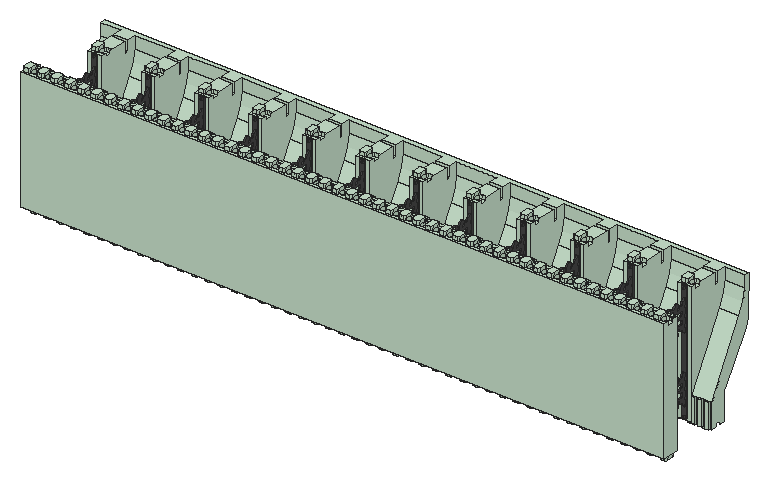
Revit family (continued)
Forms (in)
  Extrusion 106, void
    sketch origin (90, 0, 0) x (-1, 0, 0) y (0, -1, 0)
      loop
        arc (1.91675, 3.76455) -> (1.92106, 3.78736) -> (1.9334, 3.80702) r 0.0625
        arc (1.9334, 3.80702) -> (1.98276, 3.88568) -> (2, 3.97692) r 0.25
        line (2, 3.97692) -> (2, 4.89808)
        arc (2, 4.89808) -> (1.95215, 5.04517) -> (1.82692, 5.13595) r 0.25
        arc (1.82692, 5.13595) -> (1.5, 5.1875) -> (1.17308, 5.13595) r 1.0625
        arc (1.17308, 5.13595) -> (1.04785, 5.04517) -> (1, 4.89808) r 0.25
    from 0 to 0.5
  Extrusion 107, void
    sketch origin (92, 0, 0) x (-1, 0, 0) y (0, -1, 0)
      loop
        line (1, 4.89808) -> (1, 3.97692)
        arc (1, 3.97692) -> (1.04785, 3.82983) -> (1.17308, 3.73905) r 0.25
        arc (1.17308, 3.73905) -> (1.42092, 3.69045) -> (1.67323, 3.70172) r 1.0625
        arc (1.67323, 3.70172) -> (1.72385, 3.68771) -> (1.74592, 3.64005) r 0.0625
        line (1.74592, 3.64005) -> (1.74592, 3.41845) -> (1.91675, 3.41845) -> (1.91675, 3.76455)
        arc (1.91675, 3.76455) -> (1.92106, 3.78736) -> (1.9334, 3.80702) r 0.0625
        arc (1.9334, 3.80702) -> (1.98276, 3.88568) -> (2, 3.97692) r 0.25
        line (2, 3.97692) -> (2, 4.89808)
        arc (2, 4.89808) -> (1.95215, 5.04517) -> (1.82692, 5.13595) r 0.25
        arc (1.82692, 5.13595) -> (1.5, 5.1875) -> (1.17308, 5.13595) r 1.0625
        arc (1.17308, 5.13595) -> (1.04785, 5.04517) -> (1, 4.89808) r 0.25
    from 0 to 0.5
  Extrusion 108, void
    sketch origin (94, 0, 0) x (-1, 0, 0) y (0, -1, 0)
      loop
        line (1, 4.89808) -> (1, 3.97692)
        arc (1, 3.97692) -> (1.04785, 3.82983) -> (1.17308, 3.73905) r 0.25
        arc (1.17308, 3.73905) -> (1.42092, 3.69045) -> (1.67323, 3.70172) r 1.0625
        arc (1.67323, 3.70172) -> (1.72385, 3.68771) -> (1.74592, 3.64005) r 0.0625
        line (1.74592, 3.64005) -> (1.74592, 3.41845) -> (1.91675, 3.41845) -> (1.91675, 3.76455)
        arc (1.91675, 3.76455) -> (1.92106, 3.78736) -> (1.9334, 3.80702) r 0.0625
        arc (1.9334, 3.80702) -> (1.98276, 3.88568) -> (2, 3.97692) r 0.25
        line (2, 3.97692) -> (2, 4.89808)
        arc (2, 4.89808) -> (1.95215, 5.04517) -> (1.82692, 5.13595) r 0.25
        arc (1.82692, 5.13595) -> (1.5, 5.1875) -> (1.17308, 5.13595) r 1.0625
        arc (1.17308, 5.13595) -> (1.04785, 5.04517) -> (1, 4.89808) r 0.25
    from 0 to 0.5
  Extrusion 109, void
    sketch origin (96, 0, 0) x (-1, 0, 0) y (0, -1, 0)
      loop
        line (1, 4.89808) -> (1, 3.97692)
        arc (1, 3.97692) -> (1.04785, 3.82983) -> (1.17308, 3.73905) r 0.25
        arc (1.17308, 3.73905) -> (1.42092, 3.69045) -> (1.67323, 3.70172) r 1.0625
        arc (1.67323, 3.70172) -> (1.72385, 3.68771) -> (1.74592, 3.64005) r 0.0625
        line (1.74592, 3.64005) -> (1.74592, 3.41845) -> (1.91675, 3.41845) -> (1.91675, 3.76455)
        arc (1.91675, 3.76455) -> (1.92106, 3.78736) -> (1.9334, 3.80702) r 0.0625
        arc (1.9334, 3.80702) -> (1.98276, 3.88568) -> (2, 3.97692) r 0.25
        line (2, 3.97692) -> (2, 4.89808)
        arc (2, 4.89808) -> (1.95215, 5.04517) -> (1.82692, 5.13595) r 0.25
        arc (1.82692, 5.13595) -> (1.5, 5.1875) -> (1.17308, 5.13595) r 1.0625
        arc (1.17308, 5.13595) -> (1.04785, 5.04517) -> (1, 4.89808) r 0.25
    from 0 to 0.5
  Extrusion 110, void
    sketch origin (94, 0, 0) x (1, 0, 0) y (0, 1, 0)
      loop
        line (1, 4.89808) -> (1, 3.97692)
        arc (1, 3.97692) -> (1.04785, 3.82983) -> (1.17308, 3.73905) r 0.25
        arc (1.17308, 3.73905) -> (1.42092, 3.69045) -> (1.67323, 3.70172) r 1.0625
        arc (1.67323, 3.70172) -> (1.72385, 3.68771) -> (1.74592, 3.64005) r 0.0625
        line (1.74592, 3.64005) -> (1.74592, 3.41845) -> (1.91675, 3.41845) -> (1.91675, 3.76455)
        arc (1.91675, 3.76455) -> (1.92106, 3.78736) -> (1.9334, 3.80702) r 0.0625
        arc (1.9334, 3.80702) -> (1.98276, 3.88568) -> (2, 3.97692) r 0.25
        line (2, 3.97692) -> (2, 4.89808)
        arc (2, 4.89808) -> (1.95215, 5.04517) -> (1.82692, 5.13595) r 0.25
        arc (1.82692, 5.13595) -> (1.5, 5.1875) -> (1.17308, 5.13595) r 1.0625
        arc (1.17308, 5.13595) -> (1.04785, 5.04517) -> (1, 4.89808) r 0.25
    from 0 to 0.5
  Extrusion 111, void
    sketch origin (92, 0, 0) x (1, 0, 0) y (0, 1, 0)
      loop
        line (1, 4.89808) -> (1, 3.97692)
        arc (1, 3.97692) -> (1.04785, 3.82983) -> (1.17308, 3.73905) r 0.25
        arc (1.17308, 3.73905) -> (1.42092, 3.69045) -> (1.67323, 3.70172) r 1.0625
        arc (1.67323, 3.70172) -> (1.72385, 3.68771) -> (1.74592, 3.64005) r 0.0625
        line (1.74592, 3.64005) -> (1.74592, 3.41845) -> (1.91675, 3.41845) -> (1.91675, 3.76455)
        arc (1.91675, 3.76455) -> (1.92106, 3.78736) -> (1.9334, 3.80702) r 0.0625
        arc (1.9334, 3.80702) -> (1.98276, 3.88568) -> (2, 3.97692) r 0.25
        line (2, 3.97692) -> (2, 4.89808)
        arc (2, 4.89808) -> (1.95215, 5.04517) -> (1.82692, 5.13595) r 0.25
        arc (1.82692, 5.13595) -> (1.5, 5.1875) -> (1.17308, 5.13595) r 1.0625
        arc (1.17308, 5.13595) -> (1.04785, 5.04517) -> (1, 4.89808) r 0.25
    from 0 to 0.5
  Extrusion 112, void
    sketch origin (90, 0, 0) x (1, 0, 0) y (0, 1, 0)
      loop
        line (1, 4.89808) -> (1, 3.97692)
        arc (1, 3.97692) -> (1.04785, 3.82983) -> (1.17308, 3.73905) r 0.25
        arc (1.17308, 3.73905) -> (1.42092, 3.69045) -> (1.67323, 3.70172) r 1.0625
        arc (1.67323, 3.70172) -> (1.72385, 3.68771) -> (1.74592, 3.64005) r 0.0625
        line (1.74592, 3.64005) -> (1.74592, 3.41845) -> (1.91675, 3.41845) -> (1.91675, 3.76455)
        arc (1.91675, 3.76455) -> (1.92106, 3.78736) -> (1.9334, 3.80702) r 0.0625
        arc (1.9334, 3.80702) -> (1.98276, 3.88568) -> (2, 3.97692) r 0.25
        line (2, 3.97692) -> (2, 4.89808)
        arc (2, 4.89808) -> (1.95215, 5.04517) -> (1.82692, 5.13595) r 0.25
        arc (1.82692, 5.13595) -> (1.5, 5.1875) -> (1.17308, 5.13595) r 1.0625
        arc (1.17308, 5.13595) -> (1.04785, 5.04517) -> (1, 4.89808) r 0.25
    from 0 to 0.5
  Extrusion 113, void
    sketch origin (88, 0, 0) x (1, 0, 0) y (0, 1, 0)
      loop
        line (1, 4.89808) -> (1, 3.97692)
        arc (1, 3.97692) -> (1.04785, 3.82983) -> (1.17308, 3.73905) r 0.25
        arc (1.17308, 3.73905) -> (1.42092, 3.69045) -> (1.67323, 3.70172) r 1.0625
        arc (1.67323, 3.70172) -> (1.72385, 3.68771) -> (1.74592, 3.64005) r 0.0625
        line (1.74592, 3.64005) -> (1.74592, 3.41845) -> (1.91675, 3.41845) -> (1.91675, 3.76455)
        arc (1.91675, 3.76455) -> (1.92106, 3.78736) -> (1.9334, 3.80702) r 0.0625
        arc (1.9334, 3.80702) -> (1.98276, 3.88568) -> (2, 3.97692) r 0.25
        line (2, 3.97692) -> (2, 4.89808)
        arc (2, 4.89808) -> (1.95215, 5.04517) -> (1.82692, 5.13595) r 0.25
        arc (1.82692, 5.13595) -> (1.5, 5.1875) -> (1.17308, 5.13595) r 1.0625
        arc (1.17308, 5.13595) -> (1.04785, 5.04517) -> (1, 4.89808) r 0.25
    from 0 to 0.5
  Extrusion 114, void
    sketch origin (86, 0, 0) x (1, 0, 0) y (0, 1, 0)
      loop
        line (1, 4.89808) -> (1, 3.97692)
        arc (1, 3.97692) -> (1.04785, 3.82983) -> (1.17308, 3.73905) r 0.25
        arc (1.17308, 3.73905) -> (1.42092, 3.69045) -> (1.67323, 3.70172) r 1.0625
        arc (1.67323, 3.70172) -> (1.72385, 3.68771) -> (1.74592, 3.64005) r 0.0625
        line (1.74592, 3.64005) -> (1.74592, 3.41845) -> (1.91675, 3.41845) -> (1.91675, 3.76455)
        arc (1.91675, 3.76455) -> (1.92106, 3.78736) -> (1.9334, 3.80702) r 0.0625
        arc (1.9334, 3.80702) -> (1.98276, 3.88568) -> (2, 3.97692) r 0.25
        line (2, 3.97692) -> (2, 4.89808)
        arc (2, 4.89808) -> (1.95215, 5.04517) -> (1.82692, 5.13595) r 0.25
        arc (1.82692, 5.13595) -> (1.5, 5.1875) -> (1.17308, 5.13595) r 1.0625
        arc (1.17308, 5.13595) -> (1.04785, 5.04517) -> (1, 4.89808) r 0.25
    from 0 to 0.5
  Extrusion 115, void
    sketch origin (84, 0, 0) x (1, 0, 0) y (0, 1, 0)
      loop
        line (1, 4.89808) -> (1, 3.97692)
        arc (1, 3.97692) -> (1.04785, 3.82983) -> (1.17308, 3.73905) r 0.25
        arc (1.17308, 3.73905) -> (1.42092, 3.69045) -> (1.67323, 3.70172) r 1.0625
        arc (1.67323, 3.70172) -> (1.72385, 3.68771) -> (1.74592, 3.64005) r 0.0625
        line (1.74592, 3.64005) -> (1.74592, 3.41845) -> (1.91675, 3.41845) -> (1.91675, 3.76455)
        arc (1.91675, 3.76455) -> (1.92106, 3.78736) -> (1.9334, 3.80702) r 0.0625
        arc (1.9334, 3.80702) -> (1.98276, 3.88568) -> (2, 3.97692) r 0.25
        line (2, 3.97692) -> (2, 4.89808)
        arc (2, 4.89808) -> (1.95215, 5.04517) -> (1.82692, 5.13595) r 0.25
        arc (1.82692, 5.13595) -> (1.5, 5.1875) -> (1.17308, 5.13595) r 1.0625
        arc (1.17308, 5.13595) -> (1.04785, 5.04517) -> (1, 4.89808) r 0.25
    from 0 to 0.5
  Extrusion 116, void
    sketch origin (82, 0, 0) x (1, 0, 0) y (0, 1, 0)
      loop
        line (1, 4.89808) -> (1, 3.97692)
        arc (1, 3.97692) -> (1.04785, 3.82983) -> (1.17308, 3.73905) r 0.25
        arc (1.17308, 3.73905) -> (1.42092, 3.69045) -> (1.67323, 3.70172) r 1.0625
        arc (1.67323, 3.70172) -> (1.72385, 3.68771) -> (1.74592, 3.64005) r 0.0625
        line (1.74592, 3.64005) -> (1.74592, 3.41845) -> (1.91675, 3.41845) -> (1.91675, 3.76455)
        arc (1.91675, 3.76455) -> (1.92106, 3.78736) -> (1.9334, 3.80702) r 0.0625
        arc (1.9334, 3.80702) -> (1.98276, 3.88568) -> (2, 3.97692) r 0.25
        line (2, 3.97692) -> (2, 4.89808)
        arc (2, 4.89808) -> (1.95215, 5.04517) -> (1.82692, 5.13595) r 0.25
        arc (1.82692, 5.13595) -> (1.5, 5.1875) -> (1.17308, 5.13595) r 1.0625
        arc (1.17308, 5.13595) -> (1.04785, 5.04517) -> (1, 4.89808) r 0.25
    from 0 to 0.5
  Extrusion 117, void
    sketch origin (80, 0, 0) x (1, 0, 0) y (0, 1, 0)
      loop
        line (1, 4.89808) -> (1, 3.97692)
        arc (1, 3.97692) -> (1.04785, 3.82983) -> (1.17308, 3.73905) r 0.25
        arc (1.17308, 3.73905) -> (1.42092, 3.69045) -> (1.67323, 3.70172) r 1.0625
        arc (1.67323, 3.70172) -> (1.72385, 3.68771) -> (1.74592, 3.64005) r 0.0625
        line (1.74592, 3.64005) -> (1.74592, 3.41845) -> (1.91675, 3.41845) -> (1.91675, 3.76455)
        arc (1.91675, 3.76455) -> (1.92106, 3.78736) -> (1.9334, 3.80702) r 0.0625
        arc (1.9334, 3.80702) -> (1.98276, 3.88568) -> (2, 3.97692) r 0.25
        line (2, 3.97692) -> (2, 4.89808)
        arc (2, 4.89808) -> (1.95215, 5.04517) -> (1.82692, 5.13595) r 0.25
        arc (1.82692, 5.13595) -> (1.5, 5.1875) -> (1.17308, 5.13595) r 1.0625
        arc (1.17308, 5.13595) -> (1.04785, 5.04517) -> (1, 4.89808) r 0.25
    from 0 to 0.5
  Extrusion 118, void
    sketch origin (78, 0, 0) x (1, 0, 0) y (0, 1, 0)
      loop
        line (1, 4.89808) -> (1, 3.97692)
        arc (1, 3.97692) -> (1.04785, 3.82983) -> (1.17308, 3.73905) r 0.25
        arc (1.17308, 3.73905) -> (1.42092, 3.69045) -> (1.67323, 3.70172) r 1.0625
        arc (1.67323, 3.70172) -> (1.72385, 3.68771) -> (1.74592, 3.64005) r 0.0625
        line (1.74592, 3.64005) -> (1.74592, 3.41845) -> (1.91675, 3.41845) -> (1.91675, 3.76455)
        arc (1.91675, 3.76455) -> (1.92106, 3.78736) -> (1.9334, 3.80702) r 0.0625
        arc (1.9334, 3.80702) -> (1.98276, 3.88568) -> (2, 3.97692) r 0.25
        line (2, 3.97692) -> (2, 4.89808)
        arc (2, 4.89808) -> (1.95215, 5.04517) -> (1.82692, 5.13595) r 0.25
        arc (1.82692, 5.13595) -> (1.5, 5.1875) -> (1.17308, 5.13595) r 1.0625
        arc (1.17308, 5.13595) -> (1.04785, 5.04517) -> (1, 4.89808) r 0.25
    from 0 to 0.5
  Extrusion 119, void
    sketch origin (76, 0, 0) x (1, 0, 0) y (0, 1, 0)
      loop
        line (1, 4.89808) -> (1, 3.97692)
        arc (1, 3.97692) -> (1.04785, 3.82983) -> (1.17308, 3.73905) r 0.25
        arc (1.17308, 3.73905) -> (1.42092, 3.69045) -> (1.67323, 3.70172) r 1.0625
        arc (1.67323, 3.70172) -> (1.72385, 3.68771) -> (1.74592, 3.64005) r 0.0625
        line (1.74592, 3.64005) -> (1.74592, 3.41845) -> (1.91675, 3.41845) -> (1.91675, 3.76455)
        arc (1.91675, 3.76455) -> (1.92106, 3.78736) -> (1.9334, 3.80702) r 0.0625
        arc (1.9334, 3.80702) -> (1.98276, 3.88568) -> (2, 3.97692) r 0.25
        line (2, 3.97692) -> (2, 4.89808)
        arc (2, 4.89808) -> (1.95215, 5.04517) -> (1.82692, 5.13595) r 0.25
        arc (1.82692, 5.13595) -> (1.5, 5.1875) -> (1.17308, 5.13595) r 1.0625
        arc (1.17308, 5.13595) -> (1.04785, 5.04517) -> (1, 4.89808) r 0.25
    from 0 to 0.5
  Extrusion 120, void
    sketch origin (74, 0, 0) x (1, 0, 0) y (0, 1, 0)
      loop
        line (1, 4.89808) -> (1, 3.97692)
        arc (1, 3.97692) -> (1.04785, 3.82983) -> (1.17308, 3.73905) r 0.25
        arc (1.17308, 3.73905) -> (1.42092, 3.69045) -> (1.67323, 3.70172) r 1.0625
        arc (1.67323, 3.70172) -> (1.72385, 3.68771) -> (1.74592, 3.64005) r 0.0625
        line (1.74592, 3.64005) -> (1.74592, 3.41845) -> (1.91675, 3.41845) -> (1.91675, 3.76455)
        arc (1.91675, 3.76455) -> (1.92106, 3.78736) -> (1.9334, 3.80702) r 0.0625
        arc (1.9334, 3.80702) -> (1.98276, 3.88568) -> (2, 3.97692) r 0.25
        line (2, 3.97692) -> (2, 4.89808)
        arc (2, 4.89808) -> (1.95215, 5.04517) -> (1.82692, 5.13595) r 0.25
        arc (1.82692, 5.13595) -> (1.5, 5.1875) -> (1.17308, 5.13595) r 1.0625
        arc (1.17308, 5.13595) -> (1.04785, 5.04517) -> (1, 4.89808) r 0.25
    from 0 to 0.5
  Extrusion 121, void
    sketch origin (72, 0, 0) x (1, 0, 0) y (0, 1, 0)
      loop
        line (1, 4.89808) -> (1, 3.97692)
        arc (1, 3.97692) -> (1.04785, 3.82983) -> (1.17308, 3.73905) r 0.25
        arc (1.17308, 3.73905) -> (1.42092, 3.69045) -> (1.67323, 3.70172) r 1.0625
        arc (1.67323, 3.70172) -> (1.72385, 3.68771) -> (1.74592, 3.64005) r 0.0625
        line (1.74592, 3.64005) -> (1.74592, 3.41845) -> (1.91675, 3.41845) -> (1.91675, 3.76455)
        arc (1.91675, 3.76455) -> (1.92106, 3.78736) -> (1.9334, 3.80702) r 0.0625
        arc (1.9334, 3.80702) -> (1.98276, 3.88568) -> (2, 3.97692) r 0.25
        line (2, 3.97692) -> (2, 4.89808)
        arc (2, 4.89808) -> (1.95215, 5.04517) -> (1.82692, 5.13595) r 0.25
        arc (1.82692, 5.13595) -> (1.5, 5.1875) -> (1.17308, 5.13595) r 1.0625
        arc (1.17308, 5.13595) -> (1.04785, 5.04517) -> (1, 4.89808) r 0.25
    from 0 to 0.5
  Extrusion 122, void
    sketch origin (70, 0, 0) x (1, 0, 0) y (0, 1, 0)
      loop
        line (1, 4.89808) -> (1, 3.97692)
        arc (1, 3.97692) -> (1.04785, 3.82983) -> (1.17308, 3.73905) r 0.25
        arc (1.17308, 3.73905) -> (1.42092, 3.69045) -> (1.67323, 3.70172) r 1.0625
        arc (1.67323, 3.70172) -> (1.72385, 3.68771) -> (1.74592, 3.64005) r 0.0625
        line (1.74592, 3.64005) -> (1.74592, 3.41845) -> (1.91675, 3.41845) -> (1.91675, 3.76455)
        arc (1.91675, 3.76455) -> (1.92106, 3.78736) -> (1.9334, 3.80702) r 0.0625
        arc (1.9334, 3.80702) -> (1.98276, 3.88568) -> (2, 3.97692) r 0.25
        line (2, 3.97692) -> (2, 4.89808)
        arc (2, 4.89808) -> (1.95215, 5.04517) -> (1.82692, 5.13595) r 0.25
        arc (1.82692, 5.13595) -> (1.5, 5.1875) -> (1.17308, 5.13595) r 1.0625
        arc (1.17308, 5.13595) -> (1.04785, 5.04517) -> (1, 4.89808) r 0.25
    from 0 to 0.5
  Extrusion 123, void
    sketch origin (68, 0, 0) x (1, 0, 0) y (0, 1, 0)
      loop
        line (1, 4.89808) -> (1, 3.97692)
        arc (1, 3.97692) -> (1.04785, 3.82983) -> (1.17308, 3.73905) r 0.25
        arc (1.17308, 3.73905) -> (1.42092, 3.69045) -> (1.67323, 3.70172) r 1.0625
        arc (1.67323, 3.70172) -> (1.72385, 3.68771) -> (1.74592, 3.64005) r 0.0625
        line (1.74592, 3.64005) -> (1.74592, 3.41845) -> (1.91675, 3.41845) -> (1.91675, 3.76455)
        arc (1.91675, 3.76455) -> (1.92106, 3.78736) -> (1.9334, 3.80702) r 0.0625
        arc (1.9334, 3.80702) -> (1.98276, 3.88568) -> (2, 3.97692) r 0.25
        line (2, 3.97692) -> (2, 4.89808)
        arc (2, 4.89808) -> (1.95215, 5.04517) -> (1.82692, 5.13595) r 0.25
        arc (1.82692, 5.13595) -> (1.5, 5.1875) -> (1.17308, 5.13595) r 1.0625
        arc (1.17308, 5.13595) -> (1.04785, 5.04517) -> (1, 4.89808) r 0.25
    from 0 to 0.5
  Extrusion 124, void
    sketch origin (66, 0, 0) x (1, 0, 0) y (0, 1, 0)
      loop
        line (1, 4.89808) -> (1, 3.97692)
        arc (1, 3.97692) -> (1.04785, 3.82983) -> (1.17308, 3.73905) r 0.25
        arc (1.17308, 3.73905) -> (1.42092, 3.69045) -> (1.67323, 3.70172) r 1.0625
        arc (1.67323, 3.70172) -> (1.72385, 3.68771) -> (1.74592, 3.64005) r 0.0625
        line (1.74592, 3.64005) -> (1.74592, 3.41845) -> (1.91675, 3.41845) -> (1.91675, 3.76455)
        arc (1.91675, 3.76455) -> (1.92106, 3.78736) -> (1.9334, 3.80702) r 0.0625
        arc (1.9334, 3.80702) -> (1.98276, 3.88568) -> (2, 3.97692) r 0.25
        line (2, 3.97692) -> (2, 4.89808)
        arc (2, 4.89808) -> (1.95215, 5.04517) -> (1.82692, 5.13595) r 0.25
        arc (1.82692, 5.13595) -> (1.5, 5.1875) -> (1.17308, 5.13595) r 1.0625
        arc (1.17308, 5.13595) -> (1.04785, 5.04517) -> (1, 4.89808) r 0.25
    from 0 to 0.5
  Extrusion 125, void
    sketch origin (64, 0, 0) x (1, 0, 0) y (0, 1, 0)
      loop
        line (1, 4.89808) -> (1, 3.97692)
        arc (1, 3.97692) -> (1.04785, 3.82983) -> (1.17308, 3.73905) r 0.25
        arc (1.17308, 3.73905) -> (1.42092, 3.69045) -> (1.67323, 3.70172) r 1.0625
        arc (1.67323, 3.70172) -> (1.72385, 3.68771) -> (1.74592, 3.64005) r 0.0625
        line (1.74592, 3.64005) -> (1.74592, 3.41845) -> (1.91675, 3.41845) -> (1.91675, 3.76455)
        arc (1.91675, 3.76455) -> (1.92106, 3.78736) -> (1.9334, 3.80702) r 0.0625
        arc (1.9334, 3.80702) -> (1.98276, 3.88568) -> (2, 3.97692) r 0.25
        line (2, 3.97692) -> (2, 4.89808)
        arc (2, 4.89808) -> (1.95215, 5.04517) -> (1.82692, 5.13595) r 0.25
        arc (1.82692, 5.13595) -> (1.5, 5.1875) -> (1.17308, 5.13595) r 1.0625
        arc (1.17308, 5.13595) -> (1.04785, 5.04517) -> (1, 4.89808) r 0.25
    from 0 to 0.5
  Extrusion 126, void
    sketch origin (62, 0, 0) x (1, 0, 0) y (0, 1, 0)
      loop
        line (1, 4.89808) -> (1, 3.97692)
        arc (1, 3.97692) -> (1.04785, 3.82983) -> (1.17308, 3.73905) r 0.25
        arc (1.17308, 3.73905) -> (1.42092, 3.69045) -> (1.67323, 3.70172) r 1.0625
        arc (1.67323, 3.70172) -> (1.72385, 3.68771) -> (1.74592, 3.64005) r 0.0625
        line (1.74592, 3.64005) -> (1.74592, 3.41845) -> (1.91675, 3.41845) -> (1.91675, 3.76455)
        arc (1.91675, 3.76455) -> (1.92106, 3.78736) -> (1.9334, 3.80702) r 0.0625
        arc (1.9334, 3.80702) -> (1.98276, 3.88568) -> (2, 3.97692) r 0.25
        line (2, 3.97692) -> (2, 4.89808)
        arc (2, 4.89808) -> (1.95215, 5.04517) -> (1.82692, 5.13595) r 0.25
        arc (1.82692, 5.13595) -> (1.5, 5.1875) -> (1.17308, 5.13595) r 1.0625
        arc (1.17308, 5.13595) -> (1.04785, 5.04517) -> (1, 4.89808) r 0.25
    from 0 to 0.5
  Extrusion 127, void
    sketch origin (60, 0, 0) x (1, 0, 0) y (0, 1, 0)
      loop
        line (1, 4.89808) -> (1, 3.97692)
        arc (1, 3.97692) -> (1.04785, 3.82983) -> (1.17308, 3.73905) r 0.25
        arc (1.17308, 3.73905) -> (1.42092, 3.69045) -> (1.67323, 3.70172) r 1.0625
        arc (1.67323, 3.70172) -> (1.72385, 3.68771) -> (1.74592, 3.64005) r 0.0625
        line (1.74592, 3.64005) -> (1.74592, 3.41845) -> (1.91675, 3.41845) -> (1.91675, 3.76455)
        arc (1.91675, 3.76455) -> (1.92106, 3.78736) -> (1.9334, 3.80702) r 0.0625
        arc (1.9334, 3.80702) -> (1.98276, 3.88568) -> (2, 3.97692) r 0.25
        line (2, 3.97692) -> (2, 4.89808)
        arc (2, 4.89808) -> (1.95215, 5.04517) -> (1.82692, 5.13595) r 0.25
        arc (1.82692, 5.13595) -> (1.5, 5.1875) -> (1.17308, 5.13595) r 1.0625
        arc (1.17308, 5.13595) -> (1.04785, 5.04517) -> (1, 4.89808) r 0.25
    from 0 to 0.5
  Extrusion 128, void
    sketch origin (58, 0, 0) x (1, 0, 0) y (0, 1, 0)
      loop
        line (1, 4.89808) -> (1, 3.97692)
        arc (1, 3.97692) -> (1.04785, 3.82983) -> (1.17308, 3.73905) r 0.25
        arc (1.17308, 3.73905) -> (1.42092, 3.69045) -> (1.67323, 3.70172) r 1.0625
        arc (1.67323, 3.70172) -> (1.72385, 3.68771) -> (1.74592, 3.64005) r 0.0625
        line (1.74592, 3.64005) -> (1.74592, 3.41845) -> (1.91675, 3.41845) -> (1.91675, 3.76455)
        arc (1.91675, 3.76455) -> (1.92106, 3.78736) -> (1.9334, 3.80702) r 0.0625
        arc (1.9334, 3.80702) -> (1.98276, 3.88568) -> (2, 3.97692) r 0.25
        line (2, 3.97692) -> (2, 4.89808)
        arc (2, 4.89808) -> (1.95215, 5.04517) -> (1.82692, 5.13595) r 0.25
        arc (1.82692, 5.13595) -> (1.5, 5.1875) -> (1.17308, 5.13595) r 1.0625
        arc (1.17308, 5.13595) -> (1.04785, 5.04517) -> (1, 4.89808) r 0.25
    from 0 to 0.5
  Extrusion 129, void
    sketch origin (56, 0, 0) x (1, 0, 0) y (0, 1, 0)
      loop
        line (1, 4.89808) -> (1, 3.97692)
        arc (1, 3.97692) -> (1.04785, 3.82983) -> (1.17308, 3.73905) r 0.25
        arc (1.17308, 3.73905) -> (1.42092, 3.69045) -> (1.67323, 3.70172) r 1.0625
        arc (1.67323, 3.70172) -> (1.72385, 3.68771) -> (1.74592, 3.64005) r 0.0625
        line (1.74592, 3.64005) -> (1.74592, 3.41845) -> (1.91675, 3.41845) -> (1.91675, 3.76455)
        arc (1.91675, 3.76455) -> (1.92106, 3.78736) -> (1.9334, 3.80702) r 0.0625
        arc (1.9334, 3.80702) -> (1.98276, 3.88568) -> (2, 3.97692) r 0.25
        line (2, 3.97692) -> (2, 4.89808)
        arc (2, 4.89808) -> (1.95215, 5.04517) -> (1.82692, 5.13595) r 0.25
        arc (1.82692, 5.13595) -> (1.5, 5.1875) -> (1.17308, 5.13595) r 1.0625
        arc (1.17308, 5.13595) -> (1.04785, 5.04517) -> (1, 4.89808) r 0.25
    from 0 to 0.5
  Extrusion 130, void
    sketch origin (54, 0, 0) x (1, 0, 0) y (0, 1, 0)
      loop
        line (1, 4.89808) -> (1, 3.97692)
        arc (1, 3.97692) -> (1.04785, 3.82983) -> (1.17308, 3.73905) r 0.25
        arc (1.17308, 3.73905) -> (1.42092, 3.69045) -> (1.67323, 3.70172) r 1.0625
        arc (1.67323, 3.70172) -> (1.72385, 3.68771) -> (1.74592, 3.64005) r 0.0625
        line (1.74592, 3.64005) -> (1.74592, 3.41845) -> (1.91675, 3.41845) -> (1.91675, 3.76455)
        arc (1.91675, 3.76455) -> (1.92106, 3.78736) -> (1.9334, 3.80702) r 0.0625
        arc (1.9334, 3.80702) -> (1.98276, 3.88568) -> (2, 3.97692) r 0.25
        line (2, 3.97692) -> (2, 4.89808)
        arc (2, 4.89808) -> (1.95215, 5.04517) -> (1.82692, 5.13595) r 0.25
        arc (1.82692, 5.13595) -> (1.5, 5.1875) -> (1.17308, 5.13595) r 1.0625
        arc (1.17308, 5.13595) -> (1.04785, 5.04517) -> (1, 4.89808) r 0.25
    from 0 to 0.5
  Extrusion 131, void
    sketch origin (52, 0, 0) x (1, 0, 0) y (0, 1, 0)
      loop
        line (1, 4.89808) -> (1, 3.97692)
        arc (1, 3.97692) -> (1.04785, 3.82983) -> (1.17308, 3.73905) r 0.25
        arc (1.17308, 3.73905) -> (1.42092, 3.69045) -> (1.67323, 3.70172) r 1.0625
        arc (1.67323, 3.70172) -> (1.72385, 3.68771) -> (1.74592, 3.64005) r 0.0625
        line (1.74592, 3.64005) -> (1.74592, 3.41845) -> (1.91675, 3.41845) -> (1.91675, 3.76455)
        arc (1.91675, 3.76455) -> (1.92106, 3.78736) -> (1.9334, 3.80702) r 0.0625
        arc (1.9334, 3.80702) -> (1.98276, 3.88568) -> (2, 3.97692) r 0.25
        line (2, 3.97692) -> (2, 4.89808)
        arc (2, 4.89808) -> (1.95215, 5.04517) -> (1.82692, 5.13595) r 0.25
        arc (1.82692, 5.13595) -> (1.5, 5.1875) -> (1.17308, 5.13595) r 1.0625
        arc (1.17308, 5.13595) -> (1.04785, 5.04517) -> (1, 4.89808) r 0.25
    from 0 to 0.5
  Extrusion 132, void
    sketch origin (50, 0, 0) x (1, 0, 0) y (0, 1, 0)
      loop
        line (1, 4.89808) -> (1, 3.97692)
        arc (1, 3.97692) -> (1.04785, 3.82983) -> (1.17308, 3.73905) r 0.25
        arc (1.17308, 3.73905) -> (1.42092, 3.69045) -> (1.67323, 3.70172) r 1.0625
        arc (1.67323, 3.70172) -> (1.72385, 3.68771) -> (1.74592, 3.64005) r 0.0625
        line (1.74592, 3.64005) -> (1.74592, 3.41845) -> (1.91675, 3.41845) -> (1.91675, 3.76455)
        arc (1.91675, 3.76455) -> (1.92106, 3.78736) -> (1.9334, 3.80702) r 0.0625
        arc (1.9334, 3.80702) -> (1.98276, 3.88568) -> (2, 3.97692) r 0.25
        line (2, 3.97692) -> (2, 4.89808)
        arc (2, 4.89808) -> (1.95215, 5.04517) -> (1.82692, 5.13595) r 0.25
        arc (1.82692, 5.13595) -> (1.5, 5.1875) -> (1.17308, 5.13595) r 1.0625
        arc (1.17308, 5.13595) -> (1.04785, 5.04517) -> (1, 4.89808) r 0.25
    from 0 to 0.5
  Extrusion 133, void
    sketch origin (48, 0, 0) x (1, 0, 0) y (0, 1, 0)
      loop
        line (1, 4.89808) -> (1, 3.97692)
        arc (1, 3.97692) -> (1.04785, 3.82983) -> (1.17308, 3.73905) r 0.25
        arc (1.17308, 3.73905) -> (1.42092, 3.69045) -> (1.67323, 3.70172) r 1.0625
        arc (1.67323, 3.70172) -> (1.72385, 3.68771) -> (1.74592, 3.64005) r 0.0625
        line (1.74592, 3.64005) -> (1.74592, 3.41845) -> (1.91675, 3.41845) -> (1.91675, 3.76455)
        arc (1.91675, 3.76455) -> (1.92106, 3.78736) -> (1.9334, 3.80702) r 0.0625
        arc (1.9334, 3.80702) -> (1.98276, 3.88568) -> (2, 3.97692) r 0.25
        line (2, 3.97692) -> (2, 4.89808)
        arc (2, 4.89808) -> (1.95215, 5.04517) -> (1.82692, 5.13595) r 0.25
        arc (1.82692, 5.13595) -> (1.5, 5.1875) -> (1.17308, 5.13595) r 1.0625
        arc (1.17308, 5.13595) -> (1.04785, 5.04517) -> (1, 4.89808) r 0.25
    from 0 to 0.5
  Extrusion 134, void
    sketch origin (46, 0, 0) x (1, 0, 0) y (0, 1, 0)
      loop
        line (1, 4.89808) -> (1, 3.97692)
        arc (1, 3.97692) -> (1.04785, 3.82983) -> (1.17308, 3.73905) r 0.25
        arc (1.17308, 3.73905) -> (1.42092, 3.69045) -> (1.67323, 3.70172) r 1.0625
        arc (1.67323, 3.70172) -> (1.72385, 3.68771) -> (1.74592, 3.64005) r 0.0625
        line (1.74592, 3.64005) -> (1.74592, 3.41845) -> (1.91675, 3.41845) -> (1.91675, 3.76455)
        arc (1.91675, 3.76455) -> (1.92106, 3.78736) -> (1.9334, 3.80702) r 0.0625
        arc (1.9334, 3.80702) -> (1.98276, 3.88568) -> (2, 3.97692) r 0.25
        line (2, 3.97692) -> (2, 4.89808)
        arc (2, 4.89808) -> (1.95215, 5.04517) -> (1.82692, 5.13595) r 0.25
        arc (1.82692, 5.13595) -> (1.5, 5.1875) -> (1.17308, 5.13595) r 1.0625
        arc (1.17308, 5.13595) -> (1.04785, 5.04517) -> (1, 4.89808) r 0.25
    from 0 to 0.5
  Extrusion 135, void
    sketch origin (44, 0, 0) x (1, 0, 0) y (0, 1, 0)
      loop
        line (1, 4.89808) -> (1, 3.97692)
        arc (1, 3.97692) -> (1.04785, 3.82983) -> (1.17308, 3.73905) r 0.25
        arc (1.17308, 3.73905) -> (1.42092, 3.69045) -> (1.67323, 3.70172) r 1.0625
        arc (1.67323, 3.70172) -> (1.72385, 3.68771) -> (1.74592, 3.64005) r 0.0625
        line (1.74592, 3.64005) -> (1.74592, 3.41845) -> (1.91675, 3.41845) -> (1.91675, 3.76455)
        arc (1.91675, 3.76455) -> (1.92106, 3.78736) -> (1.9334, 3.80702) r 0.0625
        arc (1.9334, 3.80702) -> (1.98276, 3.88568) -> (2, 3.97692) r 0.25
        line (2, 3.97692) -> (2, 4.89808)
        arc (2, 4.89808) -> (1.95215, 5.04517) -> (1.82692, 5.13595) r 0.25
        arc (1.82692, 5.13595) -> (1.5, 5.1875) -> (1.17308, 5.13595) r 1.0625
        arc (1.17308, 5.13595) -> (1.04785, 5.04517) -> (1, 4.89808) r 0.25
    from 0 to 0.5
  Extrusion 136, void
    sketch origin (42, 0, 0) x (1, 0, 0) y (0, 1, 0)
      loop
        line (1, 4.89808) -> (1, 3.97692)
        arc (1, 3.97692) -> (1.04785, 3.82983) -> (1.17308, 3.73905) r 0.25
        arc (1.17308, 3.73905) -> (1.42092, 3.69045) -> (1.67323, 3.70172) r 1.0625
        arc (1.67323, 3.70172) -> (1.72385, 3.68771) -> (1.74592, 3.64005) r 0.0625
        line (1.74592, 3.64005) -> (1.74592, 3.41845) -> (1.91675, 3.41845) -> (1.91675, 3.76455)
        arc (1.91675, 3.76455) -> (1.92106, 3.78736) -> (1.9334, 3.80702) r 0.0625
        arc (1.9334, 3.80702) -> (1.98276, 3.88568) -> (2, 3.97692) r 0.25
        line (2, 3.97692) -> (2, 4.89808)
        arc (2, 4.89808) -> (1.95215, 5.04517) -> (1.82692, 5.13595) r 0.25
        arc (1.82692, 5.13595) -> (1.5, 5.1875) -> (1.17308, 5.13595) r 1.0625
        arc (1.17308, 5.13595) -> (1.04785, 5.04517) -> (1, 4.89808) r 0.25
    from 0 to 0.5
  Extrusion 137, void
    sketch origin (40, 0, 0) x (1, 0, 0) y (0, 1, 0)
      loop
        line (1, 4.89808) -> (1, 3.97692)
        arc (1, 3.97692) -> (1.04785, 3.82983) -> (1.17308, 3.73905) r 0.25
        arc (1.17308, 3.73905) -> (1.42092, 3.69045) -> (1.67323, 3.70172) r 1.0625
        arc (1.67323, 3.70172) -> (1.72385, 3.68771) -> (1.74592, 3.64005) r 0.0625
        line (1.74592, 3.64005) -> (1.74592, 3.41845) -> (1.91675, 3.41845) -> (1.91675, 3.76455)
        arc (1.91675, 3.76455) -> (1.92106, 3.78736) -> (1.9334, 3.80702) r 0.0625
        arc (1.9334, 3.80702) -> (1.98276, 3.88568) -> (2, 3.97692) r 0.25
        line (2, 3.97692) -> (2, 4.89808)
        arc (2, 4.89808) -> (1.95215, 5.04517) -> (1.82692, 5.13595) r 0.25
        arc (1.82692, 5.13595) -> (1.5, 5.1875) -> (1.17308, 5.13595) r 1.0625
        arc (1.17308, 5.13595) -> (1.04785, 5.04517) -> (1, 4.89808) r 0.25
    from 0 to 0.5
  Extrusion 138, void
    sketch origin (38, 0, 0) x (1, 0, 0) y (0, 1, 0)
      loop
        line (1, 4.89808) -> (1, 3.97692)
        arc (1, 3.97692) -> (1.04785, 3.82983) -> (1.17308, 3.73905) r 0.25
        arc (1.17308, 3.73905) -> (1.42092, 3.69045) -> (1.67323, 3.70172) r 1.0625
        arc (1.67323, 3.70172) -> (1.72385, 3.68771) -> (1.74592, 3.64005) r 0.0625
        line (1.74592, 3.64005) -> (1.74592, 3.41845) -> (1.91675, 3.41845) -> (1.91675, 3.76455)
        arc (1.91675, 3.76455) -> (1.92106, 3.78736) -> (1.9334, 3.80702) r 0.0625
        arc (1.9334, 3.80702) -> (1.98276, 3.88568) -> (2, 3.97692) r 0.25
        line (2, 3.97692) -> (2, 4.89808)
        arc (2, 4.89808) -> (1.95215, 5.04517) -> (1.82692, 5.13595) r 0.25
        arc (1.82692, 5.13595) -> (1.5, 5.1875) -> (1.17308, 5.13595) r 1.0625
        arc (1.17308, 5.13595) -> (1.04785, 5.04517) -> (1, 4.89808) r 0.25
    from 0 to 0.5
  Extrusion 139, void
    sketch origin (36, 0, 0) x (1, 0, 0) y (0, 1, 0)
      loop
        line (1, 4.89808) -> (1, 3.97692)
        arc (1, 3.97692) -> (1.04785, 3.82983) -> (1.17308, 3.73905) r 0.25
        arc (1.17308, 3.73905) -> (1.42092, 3.69045) -> (1.67323, 3.70172) r 1.0625
        arc (1.67323, 3.70172) -> (1.72385, 3.68771) -> (1.74592, 3.64005) r 0.0625
        line (1.74592, 3.64005) -> (1.74592, 3.41845) -> (1.91675, 3.41845) -> (1.91675, 3.76455)
        arc (1.91675, 3.76455) -> (1.92106, 3.78736) -> (1.9334, 3.80702) r 0.0625
        arc (1.9334, 3.80702) -> (1.98276, 3.88568) -> (2, 3.97692) r 0.25
        line (2, 3.97692) -> (2, 4.89808)
        arc (2, 4.89808) -> (1.95215, 5.04517) -> (1.82692, 5.13595) r 0.25
        arc (1.82692, 5.13595) -> (1.5, 5.1875) -> (1.17308, 5.13595) r 1.0625
        arc (1.17308, 5.13595) -> (1.04785, 5.04517) -> (1, 4.89808) r 0.25
    from 0 to 0.5
  Extrusion 140, void
    sketch origin (34, 0, 0) x (1, 0, 0) y (0, 1, 0)
      loop
        line (1, 4.89808) -> (1, 3.97692)
        arc (1, 3.97692) -> (1.04785, 3.82983) -> (1.17308, 3.73905) r 0.25
        arc (1.17308, 3.73905) -> (1.42092, 3.69045) -> (1.67323, 3.70172) r 1.0625
        arc (1.67323, 3.70172) -> (1.72385, 3.68771) -> (1.74592, 3.64005) r 0.0625
        line (1.74592, 3.64005) -> (1.74592, 3.41845) -> (1.91675, 3.41845) -> (1.91675, 3.76455)
        arc (1.91675, 3.76455) -> (1.92106, 3.78736) -> (1.9334, 3.80702) r 0.0625
        arc (1.9334, 3.80702) -> (1.98276, 3.88568) -> (2, 3.97692) r 0.25
        line (2, 3.97692) -> (2, 4.89808)
        arc (2, 4.89808) -> (1.95215, 5.04517) -> (1.82692, 5.13595) r 0.25
        arc (1.82692, 5.13595) -> (1.5, 5.1875) -> (1.17308, 5.13595) r 1.0625
        arc (1.17308, 5.13595) -> (1.04785, 5.04517) -> (1, 4.89808) r 0.25
    from 0 to 0.5
  Extrusion 141, void
    sketch origin (32, 0, 0) x (1, 0, 0) y (0, 1, 0)
      loop
        line (1, 4.89808) -> (1, 3.97692)
        arc (1, 3.97692) -> (1.04785, 3.82983) -> (1.17308, 3.73905) r 0.25
        arc (1.17308, 3.73905) -> (1.42092, 3.69045) -> (1.67323, 3.70172) r 1.0625
        arc (1.67323, 3.70172) -> (1.72385, 3.68771) -> (1.74592, 3.64005) r 0.0625
        line (1.74592, 3.64005) -> (1.74592, 3.41845) -> (1.91675, 3.41845) -> (1.91675, 3.76455)
        arc (1.91675, 3.76455) -> (1.92106, 3.78736) -> (1.9334, 3.80702) r 0.0625
        arc (1.9334, 3.80702) -> (1.98276, 3.88568) -> (2, 3.97692) r 0.25
        line (2, 3.97692) -> (2, 4.89808)
        arc (2, 4.89808) -> (1.95215, 5.04517) -> (1.82692, 5.13595) r 0.25
        arc (1.82692, 5.13595) -> (1.5, 5.1875) -> (1.17308, 5.13595) r 1.0625
        arc (1.17308, 5.13595) -> (1.04785, 5.04517) -> (1, 4.89808) r 0.25
    from 0 to 0.5
  Extrusion 142, void
    sketch origin (30, 0, 0) x (1, 0, 0) y (0, 1, 0)
      loop
        line (1, 4.89808) -> (1, 3.97692)
        arc (1, 3.97692) -> (1.04785, 3.82983) -> (1.17308, 3.73905) r 0.25
        arc (1.17308, 3.73905) -> (1.42092, 3.69045) -> (1.67323, 3.70172) r 1.0625
        arc (1.67323, 3.70172) -> (1.72385, 3.68771) -> (1.74592, 3.64005) r 0.0625
        line (1.74592, 3.64005) -> (1.74592, 3.41845) -> (1.91675, 3.41845) -> (1.91675, 3.76455)
        arc (1.91675, 3.76455) -> (1.92106, 3.78736) -> (1.9334, 3.80702) r 0.0625
        arc (1.9334, 3.80702) -> (1.98276, 3.88568) -> (2, 3.97692) r 0.25
        line (2, 3.97692) -> (2, 4.89808)
        arc (2, 4.89808) -> (1.95215, 5.04517) -> (1.82692, 5.13595) r 0.25
        arc (1.82692, 5.13595) -> (1.5, 5.1875) -> (1.17308, 5.13595) r 1.0625
        arc (1.17308, 5.13595) -> (1.04785, 5.04517) -> (1, 4.89808) r 0.25
    from 0 to 0.5
  Extrusion 143, void
    sketch origin (28, 0, 0) x (1, 0, 0) y (0, 1, 0)
      loop
        line (1, 4.89808) -> (1, 3.97692)
        arc (1, 3.97692) -> (1.04785, 3.82983) -> (1.17308, 3.73905) r 0.25
        arc (1.17308, 3.73905) -> (1.42092, 3.69045) -> (1.67323, 3.70172) r 1.0625
        arc (1.67323, 3.70172) -> (1.72385, 3.68771) -> (1.74592, 3.64005) r 0.0625
        line (1.74592, 3.64005) -> (1.74592, 3.41845) -> (1.91675, 3.41845) -> (1.91675, 3.76455)
        arc (1.91675, 3.76455) -> (1.92106, 3.78736) -> (1.9334, 3.80702) r 0.0625
        arc (1.9334, 3.80702) -> (1.98276, 3.88568) -> (2, 3.97692) r 0.25
        line (2, 3.97692) -> (2, 4.89808)
        arc (2, 4.89808) -> (1.95215, 5.04517) -> (1.82692, 5.13595) r 0.25
        arc (1.82692, 5.13595) -> (1.5, 5.1875) -> (1.17308, 5.13595) r 1.0625
        arc (1.17308, 5.13595) -> (1.04785, 5.04517) -> (1, 4.89808) r 0.25
    from 0 to 0.5
  Extrusion 144, void
    sketch origin (26, 0, 0) x (1, 0, 0) y (0, 1, 0)
      loop
        line (1, 4.89808) -> (1, 3.97692)
        arc (1, 3.97692) -> (1.04785, 3.82983) -> (1.17308, 3.73905) r 0.25
        arc (1.17308, 3.73905) -> (1.42092, 3.69045) -> (1.67323, 3.70172) r 1.0625
        arc (1.67323, 3.70172) -> (1.72385, 3.68771) -> (1.74592, 3.64005) r 0.0625
        line (1.74592, 3.64005) -> (1.74592, 3.41845) -> (1.91675, 3.41845) -> (1.91675, 3.76455)
        arc (1.91675, 3.76455) -> (1.92106, 3.78736) -> (1.9334, 3.80702) r 0.0625
        arc (1.9334, 3.80702) -> (1.98276, 3.88568) -> (2, 3.97692) r 0.25
        line (2, 3.97692) -> (2, 4.89808)
        arc (2, 4.89808) -> (1.95215, 5.04517) -> (1.82692, 5.13595) r 0.25
        arc (1.82692, 5.13595) -> (1.5, 5.1875) -> (1.17308, 5.13595) r 1.0625
        arc (1.17308, 5.13595) -> (1.04785, 5.04517) -> (1, 4.89808) r 0.25
    from 0 to 0.5
  Extrusion 145, void
    sketch origin (24, 0, 0) x (1, 0, 0) y (0, 1, 0)
      loop
        line (1, 4.89808) -> (1, 3.97692)
        arc (1, 3.97692) -> (1.04785, 3.82983) -> (1.17308, 3.73905) r 0.25
        arc (1.17308, 3.73905) -> (1.42092, 3.69045) -> (1.67323, 3.70172) r 1.0625
        arc (1.67323, 3.70172) -> (1.72385, 3.68771) -> (1.74592, 3.64005) r 0.0625
        line (1.74592, 3.64005) -> (1.74592, 3.41845) -> (1.91675, 3.41845) -> (1.91675, 3.76455)
        arc (1.91675, 3.76455) -> (1.92106, 3.78736) -> (1.9334, 3.80702) r 0.0625
        arc (1.9334, 3.80702) -> (1.98276, 3.88568) -> (2, 3.97692) r 0.25
        line (2, 3.97692) -> (2, 4.89808)
        arc (2, 4.89808) -> (1.95215, 5.04517) -> (1.82692, 5.13595) r 0.25
        arc (1.82692, 5.13595) -> (1.5, 5.1875) -> (1.17308, 5.13595) r 1.0625
        arc (1.17308, 5.13595) -> (1.04785, 5.04517) -> (1, 4.89808) r 0.25
    from 0 to 0.5
  Extrusion 146, void
    sketch origin (22, 0, 0) x (1, 0, 0) y (0, 1, 0)
      loop
        line (1, 4.89808) -> (1, 3.97692)
        arc (1, 3.97692) -> (1.04785, 3.82983) -> (1.17308, 3.73905) r 0.25
        arc (1.17308, 3.73905) -> (1.42092, 3.69045) -> (1.67323, 3.70172) r 1.0625
        arc (1.67323, 3.70172) -> (1.72385, 3.68771) -> (1.74592, 3.64005) r 0.0625
        line (1.74592, 3.64005) -> (1.74592, 3.41845) -> (1.91675, 3.41845) -> (1.91675, 3.76455)
        arc (1.91675, 3.76455) -> (1.92106, 3.78736) -> (1.9334, 3.80702) r 0.0625
        arc (1.9334, 3.80702) -> (1.98276, 3.88568) -> (2, 3.97692) r 0.25
        line (2, 3.97692) -> (2, 4.89808)
        arc (2, 4.89808) -> (1.95215, 5.04517) -> (1.82692, 5.13595) r 0.25
        arc (1.82692, 5.13595) -> (1.5, 5.1875) -> (1.17308, 5.13595) r 1.0625
        arc (1.17308, 5.13595) -> (1.04785, 5.04517) -> (1, 4.89808) r 0.25
    from 0 to 0.5
  Extrusion 147, void
    sketch origin (20, 0, 0) x (1, 0, 0) y (0, 1, 0)
      loop
        line (1, 4.89808) -> (1, 3.97692)
        arc (1, 3.97692) -> (1.04785, 3.82983) -> (1.17308, 3.73905) r 0.25
        arc (1.17308, 3.73905) -> (1.42092, 3.69045) -> (1.67323, 3.70172) r 1.0625
        arc (1.67323, 3.70172) -> (1.72385, 3.68771) -> (1.74592, 3.64005) r 0.0625
        line (1.74592, 3.64005) -> (1.74592, 3.41845) -> (1.91675, 3.41845) -> (1.91675, 3.76455)
        arc (1.91675, 3.76455) -> (1.92106, 3.78736) -> (1.9334, 3.80702) r 0.0625
        arc (1.9334, 3.80702) -> (1.98276, 3.88568) -> (2, 3.97692) r 0.25
        line (2, 3.97692) -> (2, 4.89808)
        arc (2, 4.89808) -> (1.95215, 5.04517) -> (1.82692, 5.13595) r 0.25
        arc (1.82692, 5.13595) -> (1.5, 5.1875) -> (1.17308, 5.13595) r 1.0625
        arc (1.17308, 5.13595) -> (1.04785, 5.04517) -> (1, 4.89808) r 0.25
    from 0 to 0.5
  Extrusion 148, void
    sketch origin (18, 0, 0) x (1, 0, 0) y (0, 1, 0)
      loop
        line (1, 4.89808) -> (1, 3.97692)
        arc (1, 3.97692) -> (1.04785, 3.82983) -> (1.17308, 3.73905) r 0.25
        arc (1.17308, 3.73905) -> (1.42092, 3.69045) -> (1.67323, 3.70172) r 1.0625
        arc (1.67323, 3.70172) -> (1.72385, 3.68771) -> (1.74592, 3.64005) r 0.0625
        line (1.74592, 3.64005) -> (1.74592, 3.41845) -> (1.91675, 3.41845) -> (1.91675, 3.76455)
        arc (1.91675, 3.76455) -> (1.92106, 3.78736) -> (1.9334, 3.80702) r 0.0625
        arc (1.9334, 3.80702) -> (1.98276, 3.88568) -> (2, 3.97692) r 0.25
        line (2, 3.97692) -> (2, 4.89808)
        arc (2, 4.89808) -> (1.95215, 5.04517) -> (1.82692, 5.13595) r 0.25
        arc (1.82692, 5.13595) -> (1.5, 5.1875) -> (1.17308, 5.13595) r 1.0625
        arc (1.17308, 5.13595) -> (1.04785, 5.04517) -> (1, 4.89808) r 0.25
    from 0 to 0.5
  Extrusion 149, void
    sketch origin (16, 0, 0) x (1, 0, 0) y (0, 1, 0)
      loop
        line (1, 4.89808) -> (1, 3.97692)
        arc (1, 3.97692) -> (1.04785, 3.82983) -> (1.17308, 3.73905) r 0.25
        arc (1.17308, 3.73905) -> (1.42092, 3.69045) -> (1.67323, 3.70172) r 1.0625
        arc (1.67323, 3.70172) -> (1.72385, 3.68771) -> (1.74592, 3.64005) r 0.0625
        line (1.74592, 3.64005) -> (1.74592, 3.41845) -> (1.91675, 3.41845) -> (1.91675, 3.76455)
        arc (1.91675, 3.76455) -> (1.92106, 3.78736) -> (1.9334, 3.80702) r 0.0625
        arc (1.9334, 3.80702) -> (1.98276, 3.88568) -> (2, 3.97692) r 0.25
        line (2, 3.97692) -> (2, 4.89808)
        arc (2, 4.89808) -> (1.95215, 5.04517) -> (1.82692, 5.13595) r 0.25
        arc (1.82692, 5.13595) -> (1.5, 5.1875) -> (1.17308, 5.13595) r 1.0625
        arc (1.17308, 5.13595) -> (1.04785, 5.04517) -> (1, 4.89808) r 0.25
    from 0 to 0.5
  Extrusion 150, void
    sketch origin (14, 0, 0) x (1, 0, 0) y (0, 1, 0)
      loop
        line (1, 4.89808) -> (1, 3.97692)
        arc (1, 3.97692) -> (1.04785, 3.82983) -> (1.17308, 3.73905) r 0.25
        arc (1.17308, 3.73905) -> (1.42092, 3.69045) -> (1.67323, 3.70172) r 1.0625
        arc (1.67323, 3.70172) -> (1.72385, 3.68771) -> (1.74592, 3.64005) r 0.0625
        line (1.74592, 3.64005) -> (1.74592, 3.41845) -> (1.91675, 3.41845) -> (1.91675, 3.76455)
        arc (1.91675, 3.76455) -> (1.92106, 3.78736) -> (1.9334, 3.80702) r 0.0625
        arc (1.9334, 3.80702) -> (1.98276, 3.88568) -> (2, 3.97692) r 0.25
        line (2, 3.97692) -> (2, 4.89808)
        arc (2, 4.89808) -> (1.95215, 5.04517) -> (1.82692, 5.13595) r 0.25
        arc (1.82692, 5.13595) -> (1.5, 5.1875) -> (1.17308, 5.13595) r 1.0625
        arc (1.17308, 5.13595) -> (1.04785, 5.04517) -> (1, 4.89808) r 0.25
    from 0 to 0.5
  Extrusion 151, void
    sketch origin (12, 0, 0) x (1, 0, 0) y (0, 1, 0)
      loop
        line (1, 4.89808) -> (1, 3.97692)
        arc (1, 3.97692) -> (1.04785, 3.82983) -> (1.17308, 3.73905) r 0.25
        arc (1.17308, 3.73905) -> (1.42092, 3.69045) -> (1.67323, 3.70172) r 1.0625
        arc (1.67323, 3.70172) -> (1.72385, 3.68771) -> (1.74592, 3.64005) r 0.0625
        line (1.74592, 3.64005) -> (1.74592, 3.41845) -> (1.91675, 3.41845) -> (1.91675, 3.76455)
        arc (1.91675, 3.76455) -> (1.92106, 3.78736) -> (1.9334, 3.80702) r 0.0625
        arc (1.9334, 3.80702) -> (1.98276, 3.88568) -> (2, 3.97692) r 0.25
        line (2, 3.97692) -> (2, 4.89808)
        arc (2, 4.89808) -> (1.95215, 5.04517) -> (1.82692, 5.13595) r 0.25
        arc (1.82692, 5.13595) -> (1.5, 5.1875) -> (1.17308, 5.13595) r 1.0625
        arc (1.17308, 5.13595) -> (1.04785, 5.04517) -> (1, 4.89808) r 0.25
    from 0 to 0.5
  Extrusion 152, void
    sketch origin (10, 0, 0) x (1, 0, 0) y (0, 1, 0)
      loop
        line (1, 4.89808) -> (1, 3.97692)
        arc (1, 3.97692) -> (1.04785, 3.82983) -> (1.17308, 3.73905) r 0.25
        arc (1.17308, 3.73905) -> (1.42092, 3.69045) -> (1.67323, 3.70172) r 1.0625
        arc (1.67323, 3.70172) -> (1.72385, 3.68771) -> (1.74592, 3.64005) r 0.0625
        line (1.74592, 3.64005) -> (1.74592, 3.41845) -> (1.91675, 3.41845) -> (1.91675, 3.76455)
        arc (1.91675, 3.76455) -> (1.92106, 3.78736) -> (1.9334, 3.80702) r 0.0625
        arc (1.9334, 3.80702) -> (1.98276, 3.88568) -> (2, 3.97692) r 0.25
        line (2, 3.97692) -> (2, 4.89808)
        arc (2, 4.89808) -> (1.95215, 5.04517) -> (1.82692, 5.13595) r 0.25
        arc (1.82692, 5.13595) -> (1.5, 5.1875) -> (1.17308, 5.13595) r 1.0625
        arc (1.17308, 5.13595) -> (1.04785, 5.04517) -> (1, 4.89808) r 0.25
    from 0 to 0.5
  Extrusion 153, void
    sketch origin (8, 0, 0) x (1, 0, 0) y (0, 1, 0)
      loop
        line (1, 4.89808) -> (1, 3.97692)
        arc (1, 3.97692) -> (1.04785, 3.82983) -> (1.17308, 3.73905) r 0.25
        arc (1.17308, 3.73905) -> (1.42092, 3.69045) -> (1.67323, 3.70172) r 1.0625
        arc (1.67323, 3.70172) -> (1.72385, 3.68771) -> (1.74592, 3.64005) r 0.0625
        line (1.74592, 3.64005) -> (1.74592, 3.41845) -> (1.91675, 3.41845) -> (1.91675, 3.76455)
        arc (1.91675, 3.76455) -> (1.92106, 3.78736) -> (1.9334, 3.80702) r 0.0625
        arc (1.9334, 3.80702) -> (1.98276, 3.88568) -> (2, 3.97692) r 0.25
        line (2, 3.97692) -> (2, 4.89808)
        arc (2, 4.89808) -> (1.95215, 5.04517) -> (1.82692, 5.13595) r 0.25
        arc (1.82692, 5.13595) -> (1.5, 5.1875) -> (1.17308, 5.13595) r 1.0625
        arc (1.17308, 5.13595) -> (1.04785, 5.04517) -> (1, 4.89808) r 0.25
    from 0 to 0.5
  Extrusion 154, void
    sketch origin (6, 0, 0) x (1, 0, 0) y (0, 1, 0)
      loop
        line (1, 4.89808) -> (1, 3.97692)
        arc (1, 3.97692) -> (1.04785, 3.82983) -> (1.17308, 3.73905) r 0.25
        arc (1.17308, 3.73905) -> (1.42092, 3.69045) -> (1.67323, 3.70172) r 1.0625
        arc (1.67323, 3.70172) -> (1.72385, 3.68771) -> (1.74592, 3.64005) r 0.0625
        line (1.74592, 3.64005) -> (1.74592, 3.41845) -> (1.91675, 3.41845) -> (1.91675, 3.76455)
        arc (1.91675, 3.76455) -> (1.92106, 3.78736) -> (1.9334, 3.80702) r 0.0625
        arc (1.9334, 3.80702) -> (1.98276, 3.88568) -> (2, 3.97692) r 0.25
        line (2, 3.97692) -> (2, 4.89808)
        arc (2, 4.89808) -> (1.95215, 5.04517) -> (1.82692, 5.13595) r 0.25
        arc (1.82692, 5.13595) -> (1.5, 5.1875) -> (1.17308, 5.13595) r 1.0625
        arc (1.17308, 5.13595) -> (1.04785, 5.04517) -> (1, 4.89808) r 0.25
    from 0 to 0.5
  Extrusion 155, void
    sketch origin (4, 0, 0) x (1, 0, 0) y (0, 1, 0)
      loop
        line (1, 4.89808) -> (1, 3.97692)
        arc (1, 3.97692) -> (1.04785, 3.82983) -> (1.17308, 3.73905) r 0.25
        arc (1.17308, 3.73905) -> (1.42092, 3.69045) -> (1.67323, 3.70172) r 1.0625
        arc (1.67323, 3.70172) -> (1.72385, 3.68771) -> (1.74592, 3.64005) r 0.0625
        line (1.74592, 3.64005) -> (1.74592, 3.41845) -> (1.91675, 3.41845) -> (1.91675, 3.76455)
        arc (1.91675, 3.76455) -> (1.92106, 3.78736) -> (1.9334, 3.80702) r 0.0625
        arc (1.9334, 3.80702) -> (1.98276, 3.88568) -> (2, 3.97692) r 0.25
        line (2, 3.97692) -> (2, 4.89808)
        arc (2, 4.89808) -> (1.95215, 5.04517) -> (1.82692, 5.13595) r 0.25
        arc (1.82692, 5.13595) -> (1.5, 5.1875) -> (1.17308, 5.13595) r 1.0625
        arc (1.17308, 5.13595) -> (1.04785, 5.04517) -> (1, 4.89808) r 0.25
    from 0 to 0.5
  Extrusion 156, void
    sketch origin (2, 0, 0) x (1, 0, 0) y (0, 1, 0)
      loop
        line (1, 4.89808) -> (1, 3.97692)
        arc (1, 3.97692) -> (1.04785, 3.82983) -> (1.17308, 3.73905) r 0.25
        arc (1.17308, 3.73905) -> (1.42092, 3.69045) -> (1.67323, 3.70172) r 1.0625
        arc (1.67323, 3.70172) -> (1.72385, 3.68771) -> (1.74592, 3.64005) r 0.0625
        line (1.74592, 3.64005) -> (1.74592, 3.41845) -> (1.91675, 3.41845) -> (1.91675, 3.76455)
        arc (1.91675, 3.76455) -> (1.92106, 3.78736) -> (1.9334, 3.80702) r 0.0625
        arc (1.9334, 3.80702) -> (1.98276, 3.88568) -> (2, 3.97692) r 0.25
        line (2, 3.97692) -> (2, 4.89808)
        arc (2, 4.89808) -> (1.95215, 5.04517) -> (1.82692, 5.13595) r 0.25
        arc (1.82692, 5.13595) -> (1.5, 5.1875) -> (1.17308, 5.13595) r 1.0625
        arc (1.17308, 5.13595) -> (1.04785, 5.04517) -> (1, 4.89808) r 0.25
    from 0 to 0.5
  Extrusion 157, void
    sketch origin (0, 0, 0) x (1, 0, 0) y (0, 1, 0)
      loop
        line (1, 4.89808) -> (1, 3.97692)
        arc (1, 3.97692) -> (1.04785, 3.82983) -> (1.17308, 3.73905) r 0.25
        arc (1.17308, 3.73905) -> (1.42092, 3.69045) -> (1.67323, 3.70172) r 1.0625
        arc (1.67323, 3.70172) -> (1.72385, 3.68771) -> (1.74592, 3.64005) r 0.0625
        line (1.74592, 3.64005) -> (1.74592, 3.41845) -> (1.91675, 3.41845) -> (1.91675, 3.76455)
        arc (1.91675, 3.76455) -> (1.92106, 3.78736) -> (1.9334, 3.80702) r 0.0625
        arc (1.9334, 3.80702) -> (1.98276, 3.88568) -> (2, 3.97692) r 0.25
        line (2, 3.97692) -> (2, 4.89808)
        arc (2, 4.89808) -> (1.95215, 5.04517) -> (1.82692, 5.13595) r 0.25
        arc (1.82692, 5.13595) -> (1.5, 5.1875) -> (1.17308, 5.13595) r 1.0625
        arc (1.17308, 5.13595) -> (1.04785, 5.04517) -> (1, 4.89808) r 0.25
    from 0 to 0.5
  Extrusion 158, solid, material "EPS- NUDURA- Foam Panel"
    sketch origin (0, 0, 0) x (0, 1, 0) y (0, 0, 1)
      loop
        line (10.125, 13) -> (10.125, 18) -> (9.425, 18) -> (9.425, 16.25)
        arc (9.425, 16.25) -> (9.05432, 14.58521) -> (8.425, 13) r 10.75
        line (8.425, 13) -> (3.25, 3.625) -> (3.25, 0) -> (5.625, 0) -> (5.625, 3.875)
        arc (5.625, 3.875) -> (5.64627, 4.11731) -> (5.71712, 4.35) r 1.17149
        line (5.71712, 4.35) -> (9.45513, 10.5)
        arc (9.45513, 10.5) -> (9.95463, 11.70591) -> (10.125, 13) r 5
    from 0 to 96
  Extrusion 159, solid, material "EPS- NUDURA- Foam Panel"
    sketch origin (0, 0, 0) x (0, 1, 0) y (0, 0, 1)
      loop
        arc (8.125, 16.5) -> (7.875, 16.25) -> (7.625, 16.5) r 0.25
        line (7.625, 16.5) -> (7.625, 18) -> (3.25, 18) -> (3.25, 3.625) -> (8.425, 13)
        arc (8.425, 13) -> (9.05432, 14.58521) -> (9.425, 16.25) r 10.75
        line (9.425, 16.25) -> (9.425, 18) -> (8.125, 18) -> (8.125, 16.5)
    from 3 to 5
  Extrusion 160, solid, material "EPS- NUDURA- Foam Panel"
    sketch origin (0, 0, 0) x (0, 1, 0) y (0, 0, 1)
      loop
        arc (8.125, 16.5) -> (7.875, 16.25) -> (7.625, 16.5) r 0.25
        line (7.625, 16.5) -> (7.625, 18) -> (3.25, 18) -> (3.25, 3.625) -> (8.425, 13)
        arc (8.425, 13) -> (9.05432, 14.58521) -> (9.425, 16.25) r 10.75
        line (9.425, 16.25) -> (9.425, 18) -> (8.125, 18) -> (8.125, 16.5)
    from 11 to 13
  Extrusion 161, solid, material "EPS- NUDURA- Foam Panel"
    sketch origin (8, 0, 0) x (0, 1, 0) y (0, 0, 1)
      loop
        arc (8.125, 16.5) -> (7.875, 16.25) -> (7.625, 16.5) r 0.25
        line (7.625, 16.5) -> (7.625, 18) -> (3.25, 18) -> (3.25, 3.625) -> (8.425, 13)
        arc (8.425, 13) -> (9.05432, 14.58521) -> (9.425, 16.25) r 10.75
        line (9.425, 16.25) -> (9.425, 18) -> (8.125, 18) -> (8.125, 16.5)
    from 11 to 13
  Extrusion 162, solid, material "EPS- NUDURA- Foam Panel"
    sketch origin (0, 0, 0) x (0, 1, 0) y (0, 0, 1)
      loop
        line (9.425, 18) -> (8.125, 18) -> (8.125, 16.5)
        arc (8.125, 16.5) -> (7.875, 16.25) -> (7.625, 16.5) r 0.25
        line (7.625, 16.5) -> (7.625, 18) -> (3.25, 18) -> (3.25, 3.625) -> (8.425, 13)
        arc (8.425, 13) -> (9.05432, 14.58521) -> (9.425, 16.25) r 10.75
        line (9.425, 16.25) -> (9.425, 18)
    from 27 to 29
  Extrusion 163, solid, material "EPS- NUDURA- Foam Panel"
    sketch origin (0, 0, 0) x (0, 1, 0) y (0, 0, 1)
      loop
        line (9.425, 18) -> (8.125, 18) -> (8.125, 16.5)
        arc (8.125, 16.5) -> (7.875, 16.25) -> (7.625, 16.5) r 0.25
        line (7.625, 16.5) -> (7.625, 18) -> (3.25, 18) -> (3.25, 3.625) -> (8.425, 13)
        arc (8.425, 13) -> (9.05432, 14.58521) -> (9.425, 16.25) r 10.75
        line (9.425, 16.25) -> (9.425, 18)
    from 35 to 37
  Extrusion 164, solid, material "EPS- NUDURA- Foam Panel"
    sketch origin (0, 0, 0) x (0, 1, 0) y (0, 0, 1)
      loop
        line (9.425, 18) -> (8.125, 18) -> (8.125, 16.5)
        arc (8.125, 16.5) -> (7.875, 16.25) -> (7.625, 16.5) r 0.25
        line (7.625, 16.5) -> (7.625, 18) -> (3.25, 18) -> (3.25, 3.625) -> (8.425, 13)
        arc (8.425, 13) -> (9.05432, 14.58521) -> (9.425, 16.25) r 10.75
        line (9.425, 16.25) -> (9.425, 18)
    from 43 to 45
  Extrusion 165, solid, material "EPS- NUDURA- Foam Panel"
    sketch origin (0, 0, 0) x (0, 1, 0) y (0, 0, 1)
      loop
        line (9.425, 18) -> (8.125, 18) -> (8.125, 16.5)
        arc (8.125, 16.5) -> (7.875, 16.25) -> (7.625, 16.5) r 0.25
        line (7.625, 16.5) -> (7.625, 18) -> (3.25, 18) -> (3.25, 3.625) -> (8.425, 13)
        arc (8.425, 13) -> (9.05432, 14.58521) -> (9.425, 16.25) r 10.75
        line (9.425, 16.25) -> (9.425, 18)
    from 51 to 53
